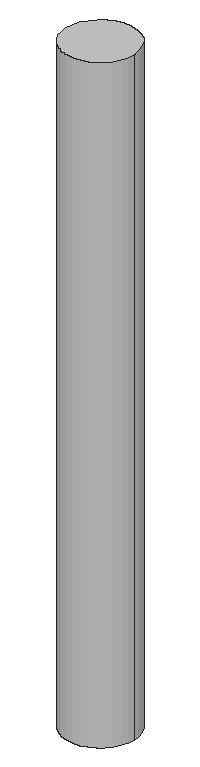
Revit family "7d5253471c3e4b698d3fa881d4aac7a4", category Structural Columns, Revit 2021
Family settings
  Display in Hidden Views = Edges Hidden by Other Members
  Section Shape = Not Defined
  Material for Model Behavior = Concrete
  Always export as geometry = No
  Beam cutback in plan = From geometry
  OmniClass Number = 23.25.30.11.14.11
  OmniClass Title = Columns
  Seek Item ID = Concrete-Round-Column-0000-USA-ENU
  Cut with Voids When Loaded = No
  Symbolic Representation = From Family
  Shared = No
  Show family pre-cut in plan views = Yes
Parameters (values of type "12"")
  Structural Material [instance] = Concrete, Cast-in-Place gray
  Assembly Code = "B10"
  b = 1' - 0"
Types (5): name | b
  (no name) | 1' - 0"
  12" | 1' - 0"
  18" | 1' - 6"
  24" | 2' - 0"
  30" | 2' - 6"
Reference planes (in)
  plane 1 "Center (Front/Back)": y = 0
  plane 2: z = 0
  plane 3 "Center (Left/Right)": x = 0
  plane 4: x = -6
  plane 5: x = 6
  plane 6: y = 6
  plane 7: y = -6
Forms (in)
  Extrusion 1, solid, material "Concrete, Cast-in-Place gray" <- "Structural Material"
    sketch origin (0, 0, 0) x (1, 0, 0) y (0, 1, 0)
      loop
        circle (0, 0) r 6
    from 0 to 108
Dimensions and locks (in)
  equal spacing: plane 4, plane 3 "Center (Left/Right)", plane 5
  equal spacing: plane 7, plane 1 "Center (Front/Back)", plane 6
  "b": plane 7 to plane 6
  "b": plane 4 to plane 5
  aligned and locked: level to Extrusion 1
  aligned and locked: level to plane 2
  aligned and locked: Extrusion 1 to plane 2
Automatic sketch dimensions
  Extrusion 1 sketch curve to plane 1 "Center (Front/Back)" = 0' - 0"
  Extrusion 1 sketch curve to plane 4 = 0' - 0"
  Extrusion 1 sketch curve to plane 3 "Center (Left/Right)" = 0' - 0"
